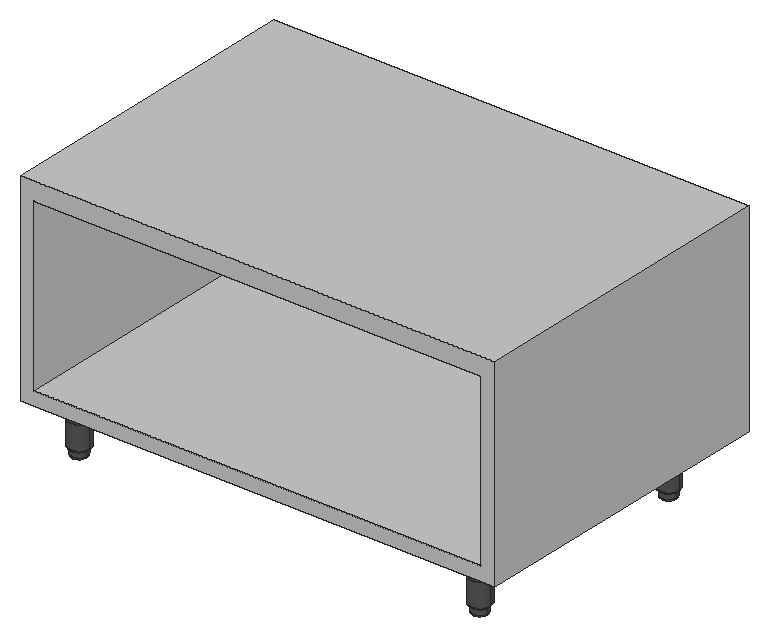
Revit family "QF_CAPIC_PO_W293025", category Equipement spécialisé, Revit 2018
Family settings
  Cote de connecteur circulaire = Utiliser le diamètre
  Type d'élément = Normal
  Numéro OmniClass = 23.40.40.14
  Titre OmniClass = Food Service Equipment
  Basée sur le plan de construction = Non
  Toujours verticalement = Oui
  Couper avec des vides une fois chargée = Non
  Partagée = Non
  Point de calcul de pièce = Non
Parameters (values of type "L=1200mm")
  URL catalogue = "http://www.capic-fr.com/fr/"
  Type de Raccord Plomberie [instance] = ""
  Type de Raccord Electrique [instance] = ""
  Type de Gaz = ""
  Type article [instance] = ""
  Tension = 0 V
  Spécification du Fabricant = ""
  Show Logo = yes
  Remarques evacuation [instance] = ""
  Remarques Plomberie [instance] = ""
  Remarques Electricité [instance] = ""
  Puissance électrique  = 0 W
  Puissance Gaz kW = 0
  Profondeur hors tout = 801 mm
  Pression Maximum Eau Adoucie = 0.0 Pa
  Poids net à vide = 93.00 kg
  Phase = 0
  Modèle = "W293025"
  Longueur hors tout = 1200 mm
  Intensité nominale = 0 A
  Hauteur hors tout = 630 mm
  Hauteur de Raccordement du Sol Finis = 0 mm
  Hauteur de Raccordement Gaz du Sol Finis = 0 mm
  Hauteur de Raccordement Evacuation Directe du Sol Finis = 0 mm
  Hauteur de Raccordement Eau Froide du Sol Finis = 0 mm
  Hauteur de Raccordement Eau Chaude du Sol Finis = 0 mm
  Hauteur de Raccordement Eau Adoucie du Sol Finis = 0 mm
  Fréquence = 0 Hz
  Fabricant = "CAPIC"
  Débit d'air d'extraction = 0.0 m³/h
  Débit Gaz = 0.0 L/s
  Débit Eau Froide = 0.0 L/s
  Débit Eau Chaude = 0.0 L/s
  Débit Eau Adoucie = 0.0 L/s
  Diamètre de Raccordement Gaz = 0 mm
  Diamètre de Raccordement Evacuation = 0 mm
  Diamètre de Raccordement Eau Froide = 0 mm
  Diamètre de Raccordement Eau Chaude = 0 mm
  Diamètre de Raccordement Eau Adoucie = 0 mm
  Description = "Placard Ouvert"
  Assembly Code = ""
  Classification  Omniclass nombre et titre = "23.40.40.14"
Reference planes
  plane 1 "Centre (avant/arrière)": y = 0
  plane 2: z = 0
  plane 3 "Centre (gauche/droite)": x = 0
  plane 4 "Centre G/E": y = 0
  plane 5: y = -838
  plane 6: x = 1200
  plane 7: x = 1198
  plane 8: x = 2
  plane 9: x = 1165
  plane 10: y = -818
  plane 11: x = 1158
  plane 12: y = -223
  plane 13: y = -820
  plane 14: z = 141
  plane 15: x = 42
  plane 16: x = 35
  plane 17: y = -182
  plane 18: z = 621
  plane 19: z = 120
  plane 20: y = -37
Forms (mm)
  Extrusion 1, solid, material "QF_Stainless Steel-Brushed"
    sketch origin (1480, 0, 0) x (1, 0, 0) y (0, 0, 1)
      loop
        line (-1480, 630) -> (-1480, 120) -> (-280, 120) -> (-280, 630) -> (-1480, 630)
    from 838 to 37
  Extrusion 2, void
    sketch origin (1480, 0, 0) x (1, 0, 0) y (0, 0, 1)
      loop
        line (-1445, 155.456) -> (-315, 155.456) -> (-315, 585.456) -> (-1445, 585.456) -> (-1445, 155.456)
    from 838 to 182
  Extrusion 3, void
    sketch origin (1480, 0, 0) x (1, 0, 0) y (0, 1, 0)
      loop
        line (-1445, -182) -> (-1445, -820) -> (-315, -820) -> (-315, -182) -> (-1445, -182)
    from 120 to 141
Cuts and joins
  Extrusion 2, Extrusion 3 cuts Extrusion 1
Dimensions and locks
  locked: plane 9 to plane 6 at 35
  locked: plane 10 to plane 5 at 20
  "Profondeur hors tout": plane 5 to plane 20
  locked: plane 12 to plane 13 at 597
  locked: plane 7 to plane 6 at 2
  locked: plane 3 "Centre (gauche/droite)" to plane 8 at 2
  "Longueur hors tout": plane 3 "Centre (gauche/droite)" to plane 6
  locked: plane 3 "Centre (gauche/droite)" to plane 16 at 35
  locked: plane 13 to plane 5 at 18
  locked: plane 3 "Centre (gauche/droite)" to plane 15 at 42
  locked: plane 11 to plane 6 at 42
  locked: plane 17 to plane 5 at 656
  plane 14 to plane 19 to plane 2 = 21 mm locked, 120 mm locked
  locked: plane 20 to plane 4 "Centre G/E" at 37
  aligned and locked: level to plane 2
  aligned and locked: Extrusion 1 to Extrusion 2
  aligned and locked: cut or joined group of Extrusion 1, Extrusion 2, Extrusion 3 to plane 5
  aligned and locked: nested 1 to plane 14
  aligned and locked: nested 2 to plane 14
  aligned and locked: nested 2 to plane 13
  aligned and locked: nested 2 to plane 15
  aligned and locked: nested 1 to plane 15
  aligned and locked: nested 1 to plane 12
  aligned and locked: nested 3 to plane 11
  aligned and locked: nested 4 to plane 11
  aligned and locked: plane 13 to nested 4
  aligned and locked: Extrusion 3 to plane 13
  aligned and locked: plane 17 to cut or joined group of Extrusion 1, Extrusion 2, Extrusion 3
  aligned and locked: plane 12 to nested 3
  aligned and locked: cut or joined group of Extrusion 1, Extrusion 2, Extrusion 3 to plane 17
  aligned and locked: plane 20 to cut or joined group of Extrusion 1, Extrusion 2, Extrusion 3
Automatic sketch dimensions
  Extrusion 1 sketch curve to plane 3 "Centre (gauche/droite)" = 0 mm
  Extrusion 1 sketch curve to plane 6 = 0 mm
  level to Extrusion 1 sketch curve = 120 mm
  Extrusion 1 sketch curve to Extrusion 1 sketch curve = 510 mm
  Extrusion 2 sketch curve to plane 9 = 0 mm
  level to Extrusion 2 sketch curve = 155.456 mm
  Extrusion 2 sketch curve to Extrusion 2 sketch curve = 430 mm
  Extrusion 3 sketch curve to plane 9 = 0 mm
  Extrusion 3 sketch curve to plane 10 = 2 mm
  plane 1 "Centre (avant/arrière)" to Extrusion 3 sketch curve = 182 mm
  Extrusion 2 sketch curve to plane 8 = 33 mm
  Extrusion 3 sketch curve to plane 8 = 33 mm
Nested families
  nested 1: "QF_Details_Pied" at (93.5, -223, 0), type "QF_Details_Pied"
  nested 2: "QF_Details_Pied" at (93.5, -820, 0), type "QF_Details_Pied"
  nested 3: "QF_Details_Pied" at (1106.5, -223, 0), type "QF_Details_Pied"
  nested 4: "QF_Details_Pied" at (1106.5, -820, 0), type "QF_Details_Pied"
Definition of nested family "QF_Details_Pied"
  Reference planes
    plane 1 "Centre (avant/arrière)": y = 0
    plane 2: z = 0
    plane 3 "Centre (gauche/droite)": x = 0
  Forms (mm)
    Extrusion 1, solid
      sketch origin (-137.492, 51.5, -340.756) x (1, 0, 0) y (0, 0, 1)
        loop
          line (85.992, 481.756) -> (85.992, 472.756) -> (188.992, 472.756) -> (188.992, 481.756) -> (85.992, 481.756)
      from -51.5 to 51.5
    Revolve 2, solid
      sketch origin (0, 51.5, -9) x (1, 0, 0) y (0, 0, 1)
        loop
          line (0, 141) -> (0, 9) -> (19.21, 9) -> (19.21, 13) -> (20.21, 13) -> (20.21, 26) -> (21.71, 26) -> (26.66, 30.95) -> (26.66, 90.95) -> (31.468, 136.698) -> (36.246, 141) -> (0, 141)
        axis (0, 141) -> (0, 9)
      angle from 0 to 360
  Dimensions and locks
    aligned and locked: level to plane 2
    aligned and locked: Extrusion 1 to Revolve 2 sketch curve
